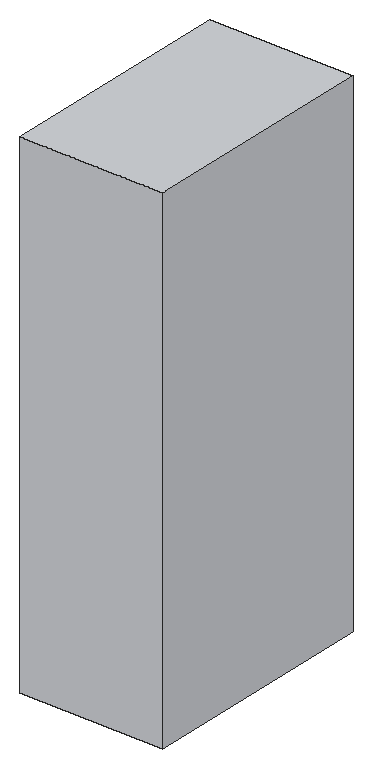
Revit family "第二期車站06_RTU機櫃_600x1000x2100", category 電氣設備, Revit 2025
Family settings
  面板規劃 = 兩欄，回路穿越
  圓形接點標註 = 使用直徑
  組件類型 = 分電盤
  OmniClass 編號 = 23.80.30.11.17
  OmniClass 標題 = Distribution Boards and Control Panels
  以工作平面為基礎 = 否
  總是垂直 = 是
  載入時使用空心切割 = 否
  維持標註方位 = 否
  共用 = 否
  房間計算點 = 否
Parameters (values of type "RTU 與網路機櫃")
  built-in parameter 1155100 [instance] = -1
  Default Elevation = 0 mm
  built-in parameter 1140142 [instance] = -1
  SCADA_高mm [instance] = "2100"
  SCADA_附錄F項次 [instance] = "24"
  SCADA_附錄D項次 [instance] = "15"
  SCADA_編號 [instance] = "P2S06-COMS-RTU-01"
  SCADA_站點 [instance] = "車站 6"
  SCADA_深mm [instance] = "1000"
  SCADA_機櫃類型 [instance] = "RTU 與網路機櫃"
  SCADA_期別 [instance] = "第二期"
  SCADA_房間 [instance] = "COMS/SCADA 設備室"
  SCADA_建物 [instance] = "車站"
  SCADA_尺寸 [instance] = "600W×1000D×2100H"
  SCADA_寬mm [instance] = "600"
  SCADA_定位來源 [instance] = "獨立設備族群（載入專案後定位）"
  SCADA_備註 [instance] = ""
  SCADA_來源文件 [instance] = "Installation SoW_V6（Rev.006, 2026-07-02）附錄 D / F；依原文顏色標示排除已刪除項目"
  SCADA_UPS電源110V [instance] = "雙 UPS 電源（2×4500VA）"
  built-in parameter 1140140 [instance] = 1 (stored number, unit not read)
Reference planes
  plane 1 "中心 (前/後)": y = 0
  plane 2: z = 0
  plane 3 "中心 (左/右)": x = 0
Forms (mm)
  Extrusion 1, solid
    sketch origin (0, 0, 0) x (1, 0, 0) y (0, 1, 0)
      loop
        line (-300, -500) -> (300, -500) -> (300, 500) -> (-300, 500) -> (-300, -500)
    from 0 to 2100
Lines and regions (mm)
  symbolic lines, style "開門線"
    curve 1: line (300, -500, 0) -> (300, -1100, 0)
    curve 2: arc (-300, -500, 0) -> (-124.264, -924.264, 0) -> (300, -1100, 0) r 600
    curve 3: line (-300, 500, 0) -> (-300, 1100, 0)
    curve 4: arc (300, 500, 0) -> (124.264, 924.264, 0) -> (-300, 1100, 0) r 600
Dimensions and locks
  aligned and locked: level to plane 2
